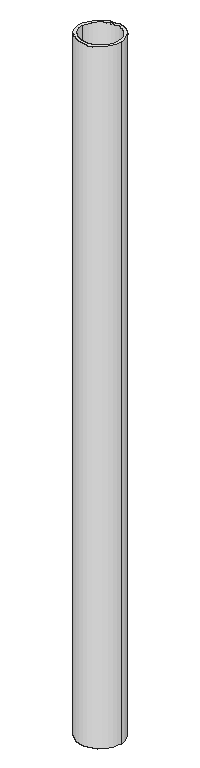
Revit family "CHS-Circular Hollow Section-Column", category 구조 기둥, Revit 2026
Family settings
  단면 모양 = 정의되지 않음
  모델 동작 재료 = 스틸
  항상 형상으로 내보내기 = 아니오
  평면의 보 전환 = 형상에서
  로드될 때 보이드를 사용하여 절단 = 아니오
  기호 표현 = 프로젝트 설정에서
  공유 = 아니오
  평면도에서 미리 절단된 패밀리 표시 = 예
Parameters (values of type "168.3x10CHS")
  Assembly Code = ""
  Structural Material [instance] = Metal - Steel - 345 MPa
  A = 0.005 m²
  D = 168.3 mm
  Ix = 1564
  M = 39
  Zx = 186
  t = 10 mm
Reference planes
  plane 1 "Center (Front/Back)": y = 0
  plane 2: z = 0
  plane 3 "Center (Left/Right)": x = 0
  plane 4: x = -84.15
  plane 5: x = 84.15
  plane 6: y = 84.15
  plane 7: y = -84.15
  plane 8: x = -74.15
  plane 9: x = 74.15
Forms (mm)
  Extrusion 1, solid, material "Metal - Steel - 345 MPa" <- "Structural Material", detail levels medium+fine
    sketch origin (0, 0, 0) x (1, 0, 0) y (0, 1, 0)
      loop
        circle (0, 0) r 84.15
      loop
        circle (0, 0) r 74.15
    from 0 to 2500
Lines and regions (mm)
  symbolic lines, style "StructuralColumnStickSymbols", detail levels coarse
    curve 1: arc (-84.15, 0, 0) -> (0, -84.15, 0) -> (84.15, 0, 0) r 84.15
    curve 2: arc (84.15, 0, 0) -> (0, 84.15, 0) -> (-84.15, 0, 0) r 84.15
Dimensions and locks
  equal spacing: plane 4, plane 3 "Center (Left/Right)", plane 5
  equal spacing: plane 7, plane 1 "Center (Front/Back)", plane 6
  "D": plane 7 to plane 6
  "D": plane 4 to plane 5
  "t": plane 4 to plane 8
  "t": plane 9 to plane 5
  aligned and locked: level to Extrusion 1
  aligned and locked: level to plane 2
  aligned and locked: Extrusion 1 to plane 2
  aligned and locked: curve 1 to Extrusion 1
Automatic sketch dimensions
  Extrusion 1 sketch curve to plane 1 "Center (Front/Back)" = 0 mm  (x2)
  Extrusion 1 sketch curve to plane 4 = 0 mm
  Extrusion 1 sketch curve to plane 8 = 0 mm
  Extrusion 1 sketch curve to plane 3 "Center (Left/Right)" = 0 mm  (x2)
